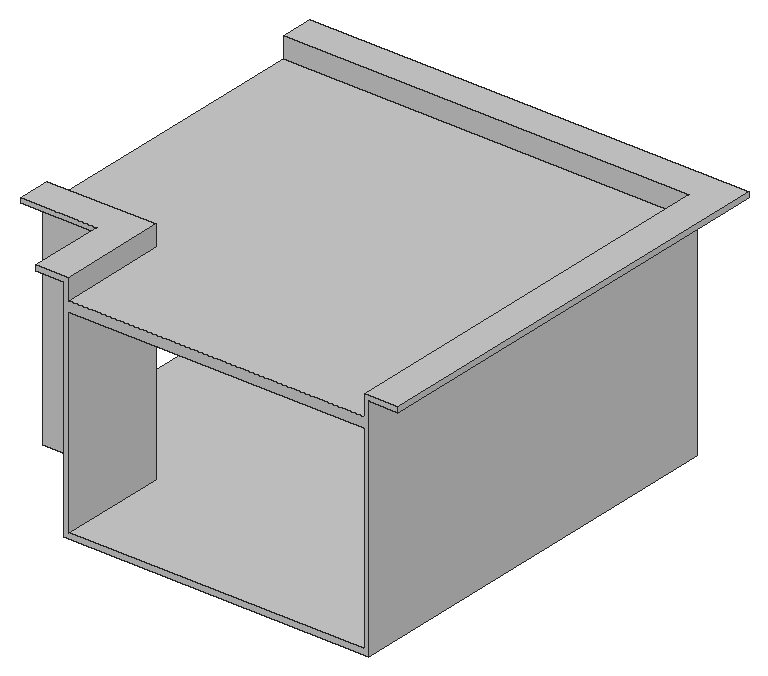
Revit family "LAMP_FIL 120 CORNER RECESSED", category Modelos genéricos, Revit 2018
Family settings
  Puede alojar armadura = No
  Cota de conector redondo = Diámetro de uso
  Tipo de pieza = Normal
  Se basa en plano de trabajo = No
  Siempre vertical = Sí
  Corte con vacíos al cargar = No
  Compartido = No
  Punto de cálculo de habitación = No
Parameters (values of type "GREY")
  Product datasheet = ""
  Product code = "F12REHCG"
  Modelo = Product code  # "F12REHCG"
  Material [instance] = LAMP_Aluminio Perfil Fil GR
  Manufacturer name = "LAMP"
  Manufacturer country = "Spain"
  Manufacturer URL = "http://www.lamp.es/en"
  Last update = ""
  Installation instructions = ""
  Finish = "Gloss grey"
  Fabricante = Manufacturer name  # "LAMP"
  Description = ""
  Accessory type = "Assembly"
Types (3, lengths in mm): name | Product code | Modelo | Material | Finish
  (no name) | "F12REHCG" | "F12REHCG" | LAMP_Aluminio Perfil Fil GR | "Gloss grey"
  GREY | "F12REHCG" | "F12REHCG" | LAMP_Aluminio Perfil Fil GR | "Gloss grey"
  WHITE | "F12REHCW" | "F12REHCW" | LAMP_Aluminio Perfil Fil BL | "Matt white"
Reference planes
  plane 1 "Centro (Frontal/Posterior)": y = 0
  plane 2: z = 0
  plane 3 "Centro (Izquierda/Derecha)": x = 0
Forms (mm)
  Sweep 1, solid, material "LAMP_Aluminio Perfil Fil GR" <- "Material"
    path origin (0, 0, 0) x (1, 0, 0) y (0, 1, 0)
      loop
        line (-0.625, 160.625) -> (160.625, 160.625) -> (160.625, -0.625)
    profile origin (80, 160.625, 0) x (0, 1, 0) y (0, 0, 1)
      loop
        line (-120, 0) -> (0, 0) -> (0, 90) -> (11.25, 90) -> (11.25, 92) -> (-1.75, 92) -> (-1.75, 84) -> (-8, 84) -> (-118.25, 84) -> (-118.25, 92) -> (-131.25, 92) -> (-131.25, 90) -> (-120, 90) -> (-120, 0)
      loop
        line (-10, 80) -> (-118.25, 80) -> (-118.25, 2) -> (-60, 2) -> (-1.75, 2) -> (-1.75, 80) -> (-10, 80)
Text (mm)
  text "Any modification of the parameters and properties of the LAMP BIM models must be executed and validated by the LAMP technical department.\nPhone: +34 93 736 68 00\nE-mail: lamp@lamp.es\n\nLAMP reserves the right to modify the technical specifications of its products." at (-8710.715, -54282.021, 34051.111), in view "Preview"
Dimensions and locks
  aligned and locked: level to plane 2
